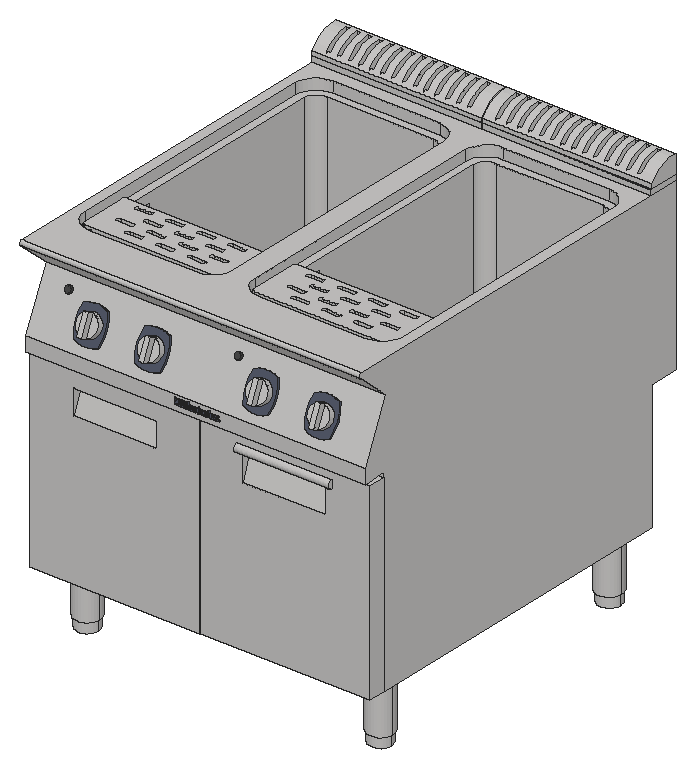
Revit family "QF_ELECTROLUXPROFESSIONAL_391204_E9PCEH2MF2", category Specialty Equipment, Revit 2018
Family settings
  Round Connector Dimension = Use Diameter
  Part Type = Normal
  Work Plane-Based = No
  Always vertical = Yes
  Cut with Voids When Loaded = No
  Shared = No
  Room Calculation Point = No
Parameters
  Width = 800 mm  # constant formula
  Weight in Pounds = 253.5  # constant formula
  Watts = 20000 VA  # 20000 W
  Waste Water Discharge Temperature [instance] = -459.67 °F
  Volts = 208 V  # constant formula
  URL Cutsheet = "www.electrolux.com/foodservice"
  URL = "www.electrolux.com/foodservice"
  Type Mark [instance] = ""
  Status [instance] = ""
  Specification by User [instance] = ""
  Specification by Manufacturer = ""
  Show Logo [instance] = yes
  Show Clearance [instance] = yes
  Serial Number = ""
  Seismic Rating = ""
  SMACNA No = ""
  Revision Code [instance] = ""
  Plumbing Remarks [instance] = ""
  Plumbing Connection Type [instance] = ""
  Phase = 3  # constant formula
  Omniclass Number and Title = ""
  Number of Poles [instance] = 1
  NAFEM Spec ID Number = ""
  Model = "391204"
  Min Ckt Ampacity = 0 A
  Max Overcurrent Protection = 0 A
  Masterspec = ""
  Manufacturer = "ELECTROLUX"
  Item Number [instance] = ""
  Installed By [instance] = ""
  Indirect Waste Size = 25.4 mm  # 1"
  Indirect Waste Flow [instance] = 0 GPM
  Indirect Waste Connection Type [instance] = ""
  Indirect Waste Connection Height = 0 mm
  Identify Quantity as Lot [instance] = yes
  Height = 851 mm  # constant formula
  HP = "26.8 HP"
  Furnished By [instance] = ""
  Foodservice Equipment Identifier [instance] = yes
  FL Amps = if(Phase = 3, Watts / (Volts * 1.73), Watts / Volts)  # 55.5803 A
  Electrical Remarks [instance] = ""
  Electric Connection Type [instance] = ""
  Elec Conn RI Height [instance] = 0 mm
  Elec Conn Connection Height [instance] = 0 mm
  Direct Waste Size = 1"
  Description = "ELECTRIC PASTA COOKER 2X40 LT WELLS-208V"
  Depth = 930 mm  # constant formula
  Cycle [instance] = if([60 Hertz Option], 60 Hz, 50 Hz)  # 60 Hz
  Conn Plug = ""
  Conn Conduit = yes
  Cold Water Temperature Recommended [instance] = -459.67 °F
  Cold Water Size = 19.1 mm  # 0.75197"
  Cold Water RI Height [instance] = 0 mm
  Cold Water Minimum Pressure = 0.00 psi
  Cold Water Maximum Pressure = 0.00 psi
  Cold Water Flow [instance] = 0 GPM
  Cold Water Consumption = ""
  Cold Water Connection Height = 0 mm
  CSI MasterFormat = ""
  CSI Master Format = ""
  Base Height [instance] = 150 mm  # constant formula
  Apparent Power = if(Phase = 3, Volts * FL Amps * 1.73, Volts * FL Amps)  # 20000 VA
  60 Hertz Option [instance] = not([50 Hertz Option])  # yes
  50 Hertz Option [instance] = no
Reference planes
  plane 1 "BACK": y = 0
  plane 2: z = 0
  plane 3 "LEFT": x = 0
  plane 4 "RIGHT": x = 800
  plane 5 "FRONT": y = -930
  plane 6 "TOP": z = 908
  plane 7 "Center Y": x = 400
  plane 8 "Center X": y = -465
  plane 9 "TOP A": z = 851
  plane 10: z = 150
  plane 11: y = -126
  plane 12: y = -800
  plane 13: y = -1288
  plane 14: x = 55
  plane 15: x = 745
Forms (mm)
  Extrusion 1, solid, material "QF_Finishes_Stainless Steel"
    sketch origin (0, 0, 0) x (0, 1, 0) y (0, 0, 1)
      loop
        line (0, 851) -> (-923.65, 851)
        arc (-923.65, 851) -> (-929.517, 847.08) -> (-928.14, 840.16) r 6.35
        line (-928.14, 840.16) -> (-852.034, 773.495) -> (-912.145, 642.892) -> (-912.145, 608.853) -> (-858.773, 614.463) -> (-858.773, 150) -> (-70, 150) -> (-70, 451.763) -> (0, 451.763) -> (0, 851)
      loop
        line (-900, 601.763) -> (-900, 150) -> (-860.361, 150) -> (-860.361, 601.763) -> (-900, 601.763)
    from 0 to 800
  Extrusion 2, solid, material "QF_Clearances", visible <- "Show Clearance", detail levels coarse
    sketch origin (0, 0, 0) x (1, 0, 0) y (0, 1, 0)
      loop
        line (0, -930) -> (0, 0) -> (800, 0) -> (800, -930) -> (920, -930) -> (920, 152) -> (-150.019, 152) -> (-150.019, -930) -> (0, -930)
    from 0 to 908
  Extrusion 3, solid, material "QF_Door-Drawer Clearances", visible <- "Show Clearance", detail levels coarse
    sketch origin (400, 0, 851) x (1, 0, 0) y (0, 1, 0)
      loop
        arc (-400, -1288) -> (-124.279, -1172.327) -> (-0.826, -900) r 409.234
        line (-0.826, -900) -> (-400, -900) -> (-400, -1288)
    from -701 to -249.237
  Extrusion 4, solid, material "QF_Door-Drawer Clearances", visible <- "Show Clearance", detail levels coarse
    sketch origin (400, 0, 851) x (-1, 0, 0) y (0, -1, 0)
      loop
        line (-400, 1288) -> (-400, 900) -> (-0.826, 900)
        arc (-0.826, 900) -> (-124.279, 1172.327) -> (-400, 1288) r 409.234
    from -701 to -249.237
  Extrusion 5, solid, material "QF_Finishes_Navy Blue", visible <- "Show Logo"
    sketch origin (201.175, -912.145, 608.853) x (0, 0, 1) y (-1, 0, 0)
      loop
        line (27.359, -159.055) -> (14.993, -159.055)
        arc (14.993, -159.055) -> (21.176, -163.626) -> (27.359, -159.055) r 6.467
      loop
        arc (27.359, -158.426) -> (26.19, -153.283) -> (21.534, -150.805) r 6.338
        line (21.534, -150.805) -> (21.534, -152.851)
        arc (21.534, -152.851) -> (23.018, -156.506) -> (26.464, -158.426) r 5.941
        line (26.464, -158.426) -> (27.359, -158.426)
      loop
        arc (15.888, -158.426) -> (19.334, -156.506) -> (20.817, -152.851) r 5.941
        line (20.817, -152.851) -> (20.817, -150.805)
        arc (20.817, -150.805) -> (16.123, -153.279) -> (14.834, -158.426) r 6.504
        line (14.834, -158.426) -> (15.888, -158.426)
      loop
        line (28.034, -150.336) -> (14.29, -150.336) -> (14.29, -164.099) -> (28.034, -164.099) -> (28.034, -150.336)
      loop
        arc (28.118, -167.066) -> (27.77, -166.709) -> (27.403, -167.047) r 0.358
        arc (27.403, -167.047) -> (27.089, -167.797) -> (26.372, -168.182) r 1.216
        line (26.372, -168.182) -> (15.959, -168.182)
        arc (15.959, -168.182) -> (15.299, -167.904) -> (14.903, -167.308) r 1.238
        arc (14.903, -167.308) -> (14.509, -167.057) -> (14.203, -167.411) r 0.358
        line (14.203, -167.411) -> (14.203, -177.29) -> (16.954, -177.29) -> (16.954, -176.393)
        arc (16.954, -176.393) -> (16.045, -175.813) -> (15.589, -174.836) r 1.928
        line (15.589, -174.836) -> (15.589, -172.337)
        arc (15.589, -172.337) -> (15.865, -171.608) -> (16.553, -171.244) r 1.101
        line (16.553, -171.244) -> (20.64, -171.244) -> (20.64, -174.917)
        arc (20.64, -174.917) -> (20.287, -175.414) -> (19.722, -175.642) r 1.083
        arc (19.722, -175.642) -> (19.459, -175.948) -> (19.751, -176.226) r 0.292
        line (19.751, -176.226) -> (22.713, -176.226)
        arc (22.713, -176.226) -> (23.016, -175.953) -> (22.777, -175.623) r 0.305
        arc (22.777, -175.623) -> (22.286, -175.375) -> (21.981, -174.917) r 1.083
        line (21.981, -174.917) -> (21.981, -171.244) -> (26.659, -171.244) -> (26.659, -174.991)
        arc (26.659, -174.991) -> (26.444, -175.747) -> (25.838, -176.245) r 1.314
        arc (25.838, -176.245) -> (25.619, -176.649) -> (25.973, -176.941) r 0.361
        line (25.973, -176.941) -> (28.118, -176.941) -> (28.118, -167.066)
      loop
        arc (27.4, -177.722) -> (27.02, -178.641) -> (26.101, -179.021) r 1.299
        line (26.101, -179.021) -> (16.522, -179.021)
        arc (16.522, -179.021) -> (15.684, -178.643) -> (15.413, -177.765) r 1.118
        line (15.413, -177.765) -> (14.203, -177.765) -> (14.203, -183.115) -> (15.391, -183.115)
        arc (15.391, -183.115) -> (15.663, -182.198) -> (16.533, -181.802) r 1.153
        line (16.533, -181.802) -> (28.605, -181.802) -> (27.4, -177.722)
      loop
        line (19.168, -185.751) -> (19.168, -192.198) -> (19.967, -192.198)
        arc (19.967, -192.198) -> (22.547, -191.214) -> (23.816, -188.76) r 3.874
        line (23.816, -188.76) -> (23.816, -187)
        arc (23.816, -187) -> (22.629, -184.135) -> (19.765, -182.949) r 4.051
        line (19.765, -182.949) -> (17.757, -182.949)
        arc (17.757, -182.949) -> (14.938, -184.434) -> (13.887, -187.441) r 4.352
        arc (13.887, -187.441) -> (14.251, -189.904) -> (15.629, -191.978) r 5.713
        line (15.629, -191.978) -> (16.578, -191.978)
        arc (16.578, -191.978) -> (15.845, -190.409) -> (15.629, -188.691) r 5.579
        arc (15.629, -188.691) -> (16.422, -186.728) -> (18.301, -185.751) r 3.057
        line (18.301, -185.751) -> (19.168, -185.751)
      loop
        line (20.427, -185.751) -> (20.427, -189.333)
        arc (20.427, -189.333) -> (21.884, -189.38) -> (22.767, -188.221) r 1.59
        line (22.767, -188.221) -> (22.767, -187.391)
        arc (22.767, -187.391) -> (21.902, -186.136) -> (20.427, -185.751) r 2.184
      loop
        arc (23.218, -201.616) -> (23.707, -199.942) -> (23.864, -198.205) r 9.023
        line (23.864, -198.205) -> (23.864, -196.843)
        arc (23.864, -196.843) -> (22.705, -194.043) -> (19.905, -192.883) r 3.959
        line (19.905, -192.883) -> (17.305, -192.883)
        arc (17.305, -192.883) -> (15.023, -194.176) -> (13.906, -196.549) r 4.331
        line (13.906, -196.549) -> (13.906, -198.684)
        arc (13.906, -198.684) -> (14.414, -200.234) -> (15.336, -201.58) r 5.772
        arc (15.336, -201.58) -> (16.098, -201.631) -> (16.184, -200.872) r 0.553
        arc (16.184, -200.872) -> (15.796, -200.138) -> (15.662, -199.319) r 2.573
        line (15.662, -199.319) -> (15.662, -197.804)
        arc (15.662, -197.804) -> (16.668, -196.162) -> (18.483, -195.52) r 2.884
        line (18.483, -195.52) -> (19.762, -195.52)
        arc (19.762, -195.52) -> (21.583, -196.08) -> (22.509, -197.745) r 2.554
        line (22.509, -197.745) -> (22.509, -198.798)
        arc (22.509, -198.798) -> (22.178, -199.726) -> (21.521, -200.461) r 2.564
        arc (21.521, -200.461) -> (21.299, -201.178) -> (21.909, -201.616) r 0.643
        line (21.909, -201.616) -> (23.218, -201.616)
      loop
        line (22.2, -201.886) -> (22.2, -203.387) -> (16.152, -203.387)
        arc (16.152, -203.387) -> (14.564, -204.045) -> (13.906, -205.633) r 2.246
        line (13.906, -205.633) -> (13.906, -207.217)
        arc (13.906, -207.217) -> (14.22, -208.081) -> (14.72, -208.853) r 4.06
        arc (14.72, -208.853) -> (15.453, -208.986) -> (15.704, -208.285) r 0.576
        arc (15.704, -208.285) -> (15.598, -207.759) -> (15.662, -207.227) r 1.69
        arc (15.662, -207.227) -> (16.204, -206.439) -> (17.11, -206.136) r 1.506
        line (17.11, -206.136) -> (22.248, -206.136) -> (22.248, -208.533) -> (22.805, -209.089) -> (23.626, -209.089) -> (23.626, -206.23) -> (26.857, -206.23) -> (22.2, -201.886)
      loop
        line (14.124, -209.987) -> (14.124, -215.374) -> (15.234, -215.374)
        arc (15.234, -215.374) -> (15.627, -214.423) -> (16.578, -214.029) r 1.345
        line (16.578, -214.029) -> (20.195, -214.029)
        arc (20.195, -214.029) -> (20.959, -214.621) -> (21.249, -215.543) r 1.615
        line (21.249, -215.543) -> (21.249, -217.099) -> (23.805, -217.784) -> (23.805, -216.401) -> (21.862, -213.842) -> (23.742, -213.842) -> (23.458, -211.136)
        arc (23.458, -211.136) -> (23.018, -210.606) -> (22.359, -210.807) r 0.621
        arc (22.359, -210.807) -> (21.959, -211.149) -> (21.465, -211.332) r 1.501
        line (21.465, -211.332) -> (16.578, -211.332)
        arc (16.578, -211.332) -> (15.627, -210.938) -> (15.234, -209.987) r 1.345
        line (15.234, -209.987) -> (14.124, -209.987)
      loop
        line (20.225, -217.321) -> (17.533, -217.321)
        arc (17.533, -217.321) -> (15.088, -218.629) -> (13.954, -221.159) r 4.288
        arc (13.954, -221.159) -> (13.89, -222.54) -> (13.954, -223.92) r 15.022
        arc (13.954, -223.92) -> (15.088, -226.451) -> (17.533, -227.758) r 4.288
        line (17.533, -227.758) -> (20.225, -227.758)
        arc (20.225, -227.758) -> (22.671, -226.451) -> (23.805, -223.92) r 4.288
        arc (23.805, -223.92) -> (23.868, -222.54) -> (23.805, -221.159) r 15.022
        arc (23.805, -221.159) -> (22.671, -218.629) -> (20.225, -217.321) r 4.288
      loop
        line (20.43, -220.435) -> (17.328, -220.435)
        arc (17.328, -220.435) -> (15.171, -222.592) -> (17.328, -224.749) r 2.157
        line (17.328, -224.749) -> (20.43, -224.749)
        arc (20.43, -224.749) -> (22.587, -222.592) -> (20.43, -220.435) r 2.157
      loop
        arc (27.411, -227.616) -> (27.041, -228.51) -> (26.147, -228.881) r 1.264
        line (26.147, -228.881) -> (16.282, -228.881)
        arc (16.282, -228.881) -> (15.412, -228.484) -> (15.141, -227.568) r 1.153
        line (15.141, -227.568) -> (14.203, -227.568) -> (14.203, -232.676) -> (15.131, -232.676)
        arc (15.131, -232.676) -> (15.49, -231.904) -> (16.282, -231.589) r 1.153
        line (16.282, -231.589) -> (28.605, -231.589) -> (27.411, -227.616)
      loop
        arc (22.531, -232.213) -> (22.332, -233.278) -> (21.363, -233.76) r 1.215
        line (21.363, -233.76) -> (16.343, -233.76)
        arc (16.343, -233.76) -> (14.728, -234.407) -> (14.008, -235.99) r 2.338
        line (14.008, -235.99) -> (14.008, -237.505)
        arc (14.008, -237.505) -> (14.182, -238.509) -> (14.684, -239.395) r 2.979
        line (14.684, -239.395) -> (14.203, -241.192) -> (14.203, -242.88) -> (23.629, -242.88) -> (23.335, -238.677) -> (22.548, -238.677)
        arc (22.548, -238.677) -> (22.192, -239.513) -> (21.44, -240.022) r 1.605
        line (21.44, -240.022) -> (16.337, -240.022)
        arc (16.337, -240.022) -> (15.917, -239.085) -> (15.844, -238.061) r 2.94
        arc (15.844, -238.061) -> (16.405, -236.96) -> (17.558, -236.517) r 1.724
        line (17.558, -236.517) -> (23.755, -236.517) -> (22.531, -232.213)
      loop
        line (23.559, -243.734) -> (21.887, -245.78) -> (18.713, -248.086) -> (15.257, -244.974)
        arc (15.257, -244.974) -> (15.02, -244.58) -> (15.042, -244.121) r 0.789
        line (15.042, -244.121) -> (14.203, -244.121) -> (14.203, -247.666) -> (15.029, -247.666)
        arc (15.029, -247.666) -> (15.372, -247.304) -> (15.862, -247.396) r 0.52
        line (15.862, -247.396) -> (17.661, -248.867) -> (15.543, -250.242)
        arc (15.543, -250.242) -> (15.142, -249.932) -> (15.055, -249.433) r 0.7
        line (15.055, -249.433) -> (14.203, -249.433) -> (14.203, -255.36) -> (15.09, -255.36)
        arc (15.09, -255.36) -> (15.157, -254.701) -> (15.552, -254.17) r 1.247
        line (15.552, -254.17) -> (19.751, -250.889) -> (22.198, -252.942) -> (23.559, -254.684) -> (23.559, -250.96) -> (22.074, -251.383) -> (20.553, -250.106) -> (22.253, -248.916) -> (23.559, -249.692) -> (23.559, -243.734)
    from 0 to 1.644
  Extrusion 6, solid, material "QF_Finishes_Stainless Steel"
    sketch origin (200, 0, 0) x (0, 1, 0) y (0, 0, 1)
      loop
        line (-71.89, 863.9) -> (-71.89, 851) -> (0, 851) -> (0, 863.9) -> (-71.89, 863.9)
    from -200 to 200
  Extrusion 7, solid, material "QF_Finishes_Stainless Steel"
    sketch origin (0, 0, 574.263) x (0, 1, 0) y (0, 0, 1)
      loop
        line (0, 289.638) -> (0, 333.737)
        arc (0, 333.737) -> (-39.336, 326.03) -> (-69.85, 300.038) r 79.141
        line (-69.85, 300.038) -> (-69.85, 289.638) -> (0, 289.638)
    from 0 to 400
  Extrusion 8, void
    sketch origin (0, 0, 848.9) x (0, -1, 0) y (1, 0, 0)
      loop
        line (6.761, 29.703) -> (63.911, 29.703) -> (63.911, 38.999) -> (6.761, 38.999) -> (6.761, 29.703)
      loop
        line (63.911, 64.487) -> (6.761, 64.487) -> (6.761, 55.191) -> (63.911, 55.191) -> (63.911, 64.487)
      loop
        line (63.911, 89.975) -> (6.761, 89.975) -> (6.761, 80.68) -> (63.911, 80.68) -> (63.911, 89.975)
      loop
        line (63.911, 115.464) -> (6.761, 115.464) -> (6.761, 106.168) -> (63.911, 106.168) -> (63.911, 115.464)
      loop
        line (63.911, 140.952) -> (6.761, 140.952) -> (6.761, 131.656) -> (63.911, 131.656) -> (63.911, 140.952)
      loop
        line (63.911, 166.44) -> (6.761, 166.44) -> (6.761, 157.145) -> (63.911, 157.145) -> (63.911, 166.44)
      loop
        line (63.911, 191.929) -> (6.761, 191.929) -> (6.761, 182.633) -> (63.911, 182.633) -> (63.911, 191.929)
      loop
        line (63.911, 217.417) -> (6.761, 217.417) -> (6.761, 208.121) -> (63.911, 208.121) -> (63.911, 217.417)
      loop
        line (63.911, 242.905) -> (6.761, 242.905) -> (6.761, 233.61) -> (63.911, 233.61) -> (63.911, 242.905)
      loop
        line (63.911, 268.394) -> (6.761, 268.394) -> (6.761, 259.098) -> (63.911, 259.098) -> (63.911, 268.394)
      loop
        line (63.911, 293.882) -> (6.761, 293.882) -> (6.761, 284.586) -> (63.911, 284.586) -> (63.911, 293.882)
      loop
        line (63.911, 319.37) -> (6.761, 319.37) -> (6.761, 310.075) -> (63.911, 310.075) -> (63.911, 319.37)
      loop
        line (63.911, 344.859) -> (6.761, 344.859) -> (6.761, 335.563) -> (63.911, 335.563) -> (63.911, 344.859)
      loop
        line (63.911, 370.347) -> (6.761, 370.347) -> (6.761, 361.051) -> (63.911, 361.051) -> (63.911, 370.347)
    from 25.4 to 63.5
  Extrusion 9, solid, material "QF_Finishes_Stainless Steel"
    sketch origin (600, 0, 0) x (0, 1, 0) y (0, 0, -1)
      loop
        line (-71.89, -863.9) -> (0, -863.9) -> (0, -851) -> (-71.89, -851) -> (-71.89, -863.9)
    from -200 to 200
  Extrusion 10, solid, material "QF_Finishes_Stainless Steel"
    sketch origin (800, 0, 574.263) x (0, 1, 0) y (0, 0, -1)
      loop
        line (0, -289.638) -> (-69.85, -289.638) -> (-69.85, -300.038)
        arc (-69.85, -300.038) -> (-39.336, -326.03) -> (0, -333.737) r 79.141
        line (0, -333.737) -> (0, -289.638)
    from 0 to 400
  Extrusion 11, void
    sketch origin (800, 0, 848.9) x (0, -1, 0) y (1, 0, 0)
      loop
        line (6.761, -29.703) -> (6.761, -38.999) -> (63.911, -38.999) -> (63.911, -29.703) -> (6.761, -29.703)
      loop
        line (63.911, -64.487) -> (63.911, -55.191) -> (6.761, -55.191) -> (6.761, -64.487) -> (63.911, -64.487)
      loop
        line (63.911, -90.975) -> (63.911, -81.68) -> (6.761, -81.68) -> (6.761, -90.975) -> (63.911, -90.975)
      loop
        line (63.911, -116.464) -> (63.911, -107.168) -> (6.761, -107.168) -> (6.761, -116.464) -> (63.911, -116.464)
      loop
        line (63.911, -141.952) -> (63.911, -132.656) -> (6.761, -132.656) -> (6.761, -141.952) -> (63.911, -141.952)
      loop
        line (63.911, -167.44) -> (63.911, -158.145) -> (6.761, -158.145) -> (6.761, -167.44) -> (63.911, -167.44)
      loop
        line (63.911, -192.929) -> (63.911, -183.633) -> (6.761, -183.633) -> (6.761, -192.929) -> (63.911, -192.929)
      loop
        line (63.911, -218.417) -> (63.911, -209.121) -> (6.761, -209.121) -> (6.761, -218.417) -> (63.911, -218.417)
      loop
        line (63.911, -243.905) -> (63.911, -234.61) -> (6.761, -234.61) -> (6.761, -243.905) -> (63.911, -243.905)
      loop
        line (63.911, -269.394) -> (63.911, -260.098) -> (6.761, -260.098) -> (6.761, -269.394) -> (63.911, -269.394)
      loop
        line (63.911, -294.882) -> (63.911, -285.586) -> (6.761, -285.586) -> (6.761, -294.882) -> (63.911, -294.882)
      loop
        line (63.911, -320.37) -> (63.911, -311.075) -> (6.761, -311.075) -> (6.761, -320.37) -> (63.911, -320.37)
      loop
        line (63.911, -345.859) -> (63.911, -336.563) -> (6.761, -336.563) -> (6.761, -345.859) -> (63.911, -345.859)
      loop
        line (63.911, -371.347) -> (63.911, -362.051) -> (6.761, -362.051) -> (6.761, -371.347) -> (63.911, -371.347)
    from 25.4 to 63.5
  Extrusion 12, void
    sketch origin (0, -900, 601.763) x (0, 0, -1) y (1, 0, 0)
      loop
        line (451.762, 400.912) -> (0, 400.912) -> (0, 399.088) -> (451.762, 399.088) -> (451.762, 400.912)
    from 0 to -39.639
  Extrusion 13, void
    sketch origin (200, -14.239, 0) x (0, 1, 0) y (0, 0, 1)
      loop
        line (-885.761, 564.263) -> (-885.761, 504.332) -> (-863.948, 564.263) -> (-885.761, 564.263)
    from -96.424 to 99.144
  Extrusion 14, void
    sketch origin (600, -14.239, 0) x (0, 1, 0) y (0, 0, -1)
      loop
        line (-885.761, -564.263) -> (-863.948, -564.263) -> (-885.761, -504.332) -> (-885.761, -564.263)
    from -96.424 to 99.144
  Extrusion 15, solid, material "QF_Finishes_Stainless Steel"
    sketch origin (600, -14.239, 22.5) x (0, 1, 0) y (0, 0, -1)
      loop
        arc (-885.761, -541.858) -> (-895.666, -551.763) -> (-885.761, -561.667) r 9.905
        line (-885.761, -561.667) -> (-885.761, -541.858)
    from -110.529 to 112.106
  Extrusion 16, void
    sketch origin (0, 0, 791) x (1, 0, 0) y (0, 1, 0)
      loop
        line (75, -800) -> (325, -800)
        arc (325, -800) -> (346.213, -791.213) -> (355, -770) r 30
        line (355, -770) -> (355, -606.643)
        arc (355, -606.643) -> (346.213, -627.856) -> (325, -636.643) r 30
        line (325, -636.643) -> (75, -636.643)
        arc (75, -636.643) -> (53.787, -627.856) -> (45, -606.643) r 30
        line (45, -606.643) -> (45, -770)
        arc (45, -770) -> (53.787, -791.213) -> (75, -800) r 30
    from 60 to 12
  Extrusion 17, void
    sketch origin (0, 0, 791) x (0, 1, 0) y (-1, 0, 0)
      loop
        arc (-121.89, -75) -> (-130.677, -53.787) -> (-151.89, -45) r 30
        line (-151.89, -45) -> (-606.643, -45)
        arc (-606.643, -45) -> (-627.856, -53.787) -> (-636.643, -75) r 30
        line (-636.643, -75) -> (-636.643, -325)
        arc (-636.643, -325) -> (-627.856, -346.213) -> (-606.643, -355) r 30
        line (-606.643, -355) -> (-151.89, -355)
        arc (-151.89, -355) -> (-130.677, -346.213) -> (-121.89, -325) r 30
        line (-121.89, -325) -> (-121.89, -75)
    from 60 to -339.237
  Extrusion 18, void
    sketch origin (800, 0, 791) x (-1, 0, 0) y (0, -1, 0)
      loop
        arc (75, 800) -> (53.787, 791.213) -> (45, 770) r 30
        line (45, 770) -> (45, 606.643)
        arc (45, 606.643) -> (53.787, 627.856) -> (75, 636.643) r 30
        line (75, 636.643) -> (325, 636.643)
        arc (325, 636.643) -> (346.213, 627.856) -> (355, 606.643) r 30
        line (355, 606.643) -> (355, 770)
        arc (355, 770) -> (346.213, 791.213) -> (325, 800) r 30
        line (325, 800) -> (75, 800)
    from 60 to 12
  Extrusion 19, void
    sketch origin (800, 0, 791) x (0, -1, 0) y (1, 0, 0)
      loop
        line (121.89, -75) -> (121.89, -325)
        arc (121.89, -325) -> (130.677, -346.213) -> (151.89, -355) r 30
        line (151.89, -355) -> (606.643, -355)
        arc (606.643, -355) -> (627.856, -346.213) -> (636.643, -325) r 30
        line (636.643, -325) -> (636.643, -75)
        arc (636.643, -75) -> (627.856, -53.787) -> (606.643, -45) r 30
        line (606.643, -45) -> (151.89, -45)
        arc (151.89, -45) -> (130.677, -53.787) -> (121.89, -75) r 30
    from 60 to -339.237
  Extrusion 20, solid, material "QF_Finishes_Navy Blue"
    sketch origin (-405.52, -913.486, 639.979) x (0, 0.418102, 0.9084) y (-1, 0, 0)
      loop
        arc (102.623, -510.47) -> (67.041, -502.846) -> (31.333, -509.853) r 90.5
        arc (31.333, -509.853) -> (24.507, -539.04) -> (31.333, -568.228) r 65.817
        arc (31.333, -568.228) -> (67.04, -575.188) -> (102.623, -567.615) r 91.066
        arc (102.623, -567.615) -> (109.179, -539.043) -> (102.623, -510.47) r 65.546
    from 0 to 3.175
  Extrusion 21, solid, material "QF_Finishes_Stainless Steel"
    sketch origin (-26.77, -917.2, 639.505) x (0, 0.418102, 0.9084) y (-1, 0, 0)
      loop
        circle (68.826, -160.963) r 25.4
    from 0 to 12.7
  Extrusion 22, solid, material "QF_Finishes_Stainless Steel"
    sketch origin (-26.77, -928.736, 644.814) x (0, 0.418102, 0.9084) y (-1, 0, 0)
      loop
        arc (93.558, -166.749) -> (94.226, -160.963) -> (93.558, -155.177) r 25.4
        line (93.558, -155.177) -> (44.094, -155.177)
        arc (44.094, -155.177) -> (43.426, -160.963) -> (44.094, -166.749) r 25.4
        line (44.094, -166.749) -> (93.558, -166.749)
    from 0 to 12.7
  Extrusion 23, solid, material "QF_Finishes_Navy Blue"
    sketch origin (-260.52, -913.486, 639.979) x (0, 0.418102, 0.9084) y (-1, 0, 0)
      loop
        arc (102.623, -510.47) -> (67.041, -502.846) -> (31.333, -509.853) r 90.5
        arc (31.333, -509.853) -> (24.507, -539.04) -> (31.333, -568.228) r 65.817
        arc (31.333, -568.228) -> (67.04, -575.188) -> (102.623, -567.615) r 91.066
        arc (102.623, -567.615) -> (109.179, -539.043) -> (102.623, -510.47) r 65.546
    from 0 to 3.175
  Extrusion 24, solid, material "QF_Finishes_Stainless Steel"
    sketch origin (118.23, -917.2, 639.505) x (0, 0.418102, 0.9084) y (-1, 0, 0)
      loop
        circle (68.826, -160.963) r 25.4
    from 0 to 12.7
  Extrusion 25, solid, material "QF_Finishes_Stainless Steel"
    sketch origin (118.23, -928.736, 644.814) x (0, 0.418102, 0.9084) y (-1, 0, 0)
      loop
        arc (93.558, -166.749) -> (94.226, -160.963) -> (93.558, -155.177) r 25.4
        line (93.558, -155.177) -> (44.094, -155.177)
        arc (44.094, -155.177) -> (43.426, -160.963) -> (44.094, -166.749) r 25.4
        line (44.094, -166.749) -> (93.558, -166.749)
    from 0 to 12.7
  Extrusion 26, solid, material "QF_Finishes_Black"
    sketch origin (-36.317, -915, 636.69) x (0, 0.418102, 0.9084) y (-1, 0, 0)
      loop
        circle (117.556, -101.317) r 7.5
    from 0 to 4
  Extrusion 27, solid, material "QF_Finishes_Navy Blue"
    sketch origin (-5.52, -913.486, 639.979) x (0, 0.418102, 0.9084) y (-1, 0, 0)
      loop
        arc (102.623, -510.47) -> (67.041, -502.846) -> (31.333, -509.853) r 90.5
        arc (31.333, -509.853) -> (24.507, -539.04) -> (31.333, -568.228) r 65.817
        arc (31.333, -568.228) -> (67.04, -575.188) -> (102.623, -567.615) r 91.066
        arc (102.623, -567.615) -> (109.179, -539.043) -> (102.623, -510.47) r 65.546
    from 0 to 3.175
  Extrusion 28, solid, material "QF_Finishes_Stainless Steel"
    sketch origin (373.23, -917.2, 639.505) x (0, 0.418102, 0.9084) y (-1, 0, 0)
      loop
        circle (68.826, -160.963) r 25.4
    from 0 to 12.7
  Extrusion 29, solid, material "QF_Finishes_Stainless Steel"
    sketch origin (373.23, -928.736, 644.814) x (0, 0.418102, 0.9084) y (-1, 0, 0)
      loop
        arc (93.558, -166.749) -> (94.226, -160.963) -> (93.558, -155.177) r 25.4
        line (93.558, -155.177) -> (44.094, -155.177)
        arc (44.094, -155.177) -> (43.426, -160.963) -> (44.094, -166.749) r 25.4
        line (44.094, -166.749) -> (93.558, -166.749)
    from 0 to 12.7
  Extrusion 30, solid, material "QF_Finishes_Navy Blue"
    sketch origin (139.48, -913.486, 639.979) x (0, 0.418102, 0.9084) y (-1, 0, 0)
      loop
        arc (102.64, -509.47) -> (67.049, -501.922) -> (31.333, -508.853) r 91.424
        arc (31.333, -508.853) -> (24.284, -538.54) -> (31.333, -568.228) r 66.04
        arc (31.333, -568.228) -> (67.048, -575.112) -> (102.64, -567.615) r 91.99
        arc (102.64, -567.615) -> (109.413, -538.543) -> (102.64, -509.47) r 65.781
    from 0 to 3.175
  Extrusion 31, solid, material "QF_Finishes_Stainless Steel"
    sketch origin (518.23, -917.2, 639.505) x (0, 0.418102, 0.9084) y (-1, 0, 0)
      loop
        circle (68.826, -160.963) r 25.4
    from 0 to 12.7
  Extrusion 32, solid, material "QF_Finishes_Stainless Steel"
    sketch origin (518.23, -928.736, 644.814) x (0, 0.418102, 0.9084) y (-1, 0, 0)
      loop
        arc (93.558, -166.749) -> (94.226, -160.963) -> (93.558, -155.177) r 25.4
        line (93.558, -155.177) -> (44.094, -155.177)
        arc (44.094, -155.177) -> (43.426, -160.963) -> (44.094, -166.749) r 25.4
        line (44.094, -166.749) -> (93.558, -166.749)
    from 0 to 12.7
  Extrusion 33, solid, material "QF_Finishes_Black"
    sketch origin (363.683, -915, 636.69) x (0, 0.418102, 0.9084) y (-1, 0, 0)
      loop
        circle (117.556, -101.317) r 7.5
    from 0 to 4
  Extrusion 34, solid, material "QF_Finishes_Stainless Steel"
    sketch origin (-77.88, -4572, 150) x (-1, 0, 0) y (0, -1, 0)
      loop
        circle (-167.88, -3979.3) r 12.7
      loop
        circle (-567.88, -3979.3) r 12.7
    from -12.7 to 0
  Extrusion 35, solid, material "QF_Finishes_Stainless Steel"
    sketch origin (0, -225, 150) x (-1, 0, 0) y (0, 1, 0)
      loop
        circle (-50, -485) r 6.35
    from 0 to 10
  Extrusion 36, solid, material "QF_Finishes_Stainless Steel"
    sketch origin (-77.88, -4572, 150) x (-1, 0, 0) y (0, -1, 0)
      loop
        circle (-827.88, -3942) r 9.525
      loop
        circle (-427.88, -3942) r 9.525
    from -12.7 to 0
  Extrusion 37, solid, material "QF_Finishes_Stainless Steel"
    sketch origin (-77.88, -4572, 150) x (-1, 0, 0) y (0, -1, 0)
      loop
        circle (-710.88, -3792) r 12.7
    from -12.7 to 0
  Revolve 38, solid, material "QF_Finishes_Stainless Steel"
    sketch origin (-1, -126, 608.09) x (0, 0, 1) y (-1, 0, 0)
      loop
        line (-608.09, -56) -> (-458.09, -56) -> (-458.09, -26) -> (-583.09, -26) -> (-583.09, -29.75) -> (-608.09, -29.75) -> (-608.09, -56)
      axis (-608.09, -56) -> (-458.09, -56)
    angle from 0 to 360
  Revolve 39, solid, material "QF_Finishes_Stainless Steel"
    sketch origin (-1, -800, 608.09) x (0, 0, 1) y (1, 0, 0)
      loop
        line (-608.09, 56) -> (-608.09, 29.75) -> (-583.09, 29.75) -> (-583.09, 26) -> (-458.09, 26) -> (-458.09, 56) -> (-608.09, 56)
      axis (-608.09, 56) -> (-458.09, 56)
    angle from 0 to 360
  Revolve 40, solid, material "QF_Finishes_Stainless Steel"
    sketch origin (801, -126, 608.09) x (0, 0, 1) y (-1, 0, 0)
      loop
        line (-608.09, 56) -> (-608.09, 29.75) -> (-583.09, 29.75) -> (-583.09, 26) -> (-458.09, 26) -> (-458.09, 56) -> (-608.09, 56)
      axis (-608.09, 56) -> (-458.09, 56)
    angle from 0 to 360
  Revolve 41, solid, material "QF_Finishes_Stainless Steel"
    sketch origin (801, -800, 608.09) x (0, 0, 1) y (1, 0, 0)
      loop
        line (-608.09, -56) -> (-458.09, -56) -> (-458.09, -26) -> (-583.09, -26) -> (-583.09, -29.75) -> (-608.09, -29.75) -> (-608.09, -56)
      axis (-608.09, -56) -> (-458.09, -56)
    angle from 0 to 360
  Extrusion 42, solid, material "QF_Finishes_Stainless Steel"
    sketch origin (-77.88, -4572, 150) x (-1, 0, 0) y (0, -1, 0)
      loop
        circle (-827.88, -3862) r 9.525
    from -12.7 to 0
  Extrusion 43, solid, material "QF_Finishes_Stainless Steel"
    sketch origin (0, -15, 826) x (-1, 0, 0) y (0, -1, 0)
      loop
        arc (-35, 640.511) -> (-27.929, 643.44) -> (-25, 650.511) r 10
        line (-25, 650.511) -> (-25, 757.511)
        arc (-25, 757.511) -> (-27.929, 764.583) -> (-35, 767.511) r 10
        line (-35, 767.511) -> (-365, 767.511)
        arc (-365, 767.511) -> (-372.071, 764.583) -> (-375, 757.511) r 10
        line (-375, 757.511) -> (-375, 650.511)
        arc (-375, 650.511) -> (-372.071, 643.44) -> (-365, 640.511) r 10
        line (-365, 640.511) -> (-35, 640.511)
    from -12.7 to 6.4
  Extrusion 44, void
    sketch origin (0, -17.5, 832.4) x (0, -1, 0) y (-1, 0, 0)
      loop
        line (651.767, -72.185) -> (651.767, -104.163)
        arc (651.767, -104.163) -> (656.767, -109.163) -> (661.767, -104.163) r 5
        line (661.767, -104.163) -> (661.767, -72.185)
        arc (661.767, -72.185) -> (656.767, -67.185) -> (651.767, -72.185) r 5
      loop
        line (706.767, -72.185) -> (706.767, -104.163)
        arc (706.767, -104.163) -> (711.767, -109.163) -> (716.767, -104.163) r 5
        line (716.767, -104.163) -> (716.767, -72.185)
        arc (716.767, -72.185) -> (711.767, -67.185) -> (706.767, -72.185) r 5
      loop
        line (651.767, -145.518) -> (651.767, -177.496)
        arc (651.767, -177.496) -> (656.767, -182.496) -> (661.767, -177.496) r 5
        line (661.767, -177.496) -> (661.767, -145.518)
        arc (661.767, -145.518) -> (656.767, -140.518) -> (651.767, -145.518) r 5
      loop
        line (706.767, -145.518) -> (706.767, -177.496)
        arc (706.767, -177.496) -> (711.767, -182.496) -> (716.767, -177.496) r 5
        line (716.767, -177.496) -> (716.767, -145.518)
        arc (716.767, -145.518) -> (711.767, -140.518) -> (706.767, -145.518) r 5
      loop
        line (651.767, -218.851) -> (651.767, -250.829)
        arc (651.767, -250.829) -> (656.767, -255.829) -> (661.767, -250.829) r 5
        line (661.767, -250.829) -> (661.767, -218.851)
        arc (661.767, -218.851) -> (656.767, -213.851) -> (651.767, -218.851) r 5
      loop
        line (706.767, -218.851) -> (706.767, -250.829)
        arc (706.767, -250.829) -> (711.767, -255.829) -> (716.767, -250.829) r 5
        line (716.767, -250.829) -> (716.767, -218.851)
        arc (716.767, -218.851) -> (711.767, -213.851) -> (706.767, -218.851) r 5
      loop
        line (651.767, -292.185) -> (651.767, -324.163)
        arc (651.767, -324.163) -> (656.767, -329.163) -> (661.767, -324.163) r 5
        line (661.767, -324.163) -> (661.767, -292.185)
        arc (661.767, -292.185) -> (656.767, -287.185) -> (651.767, -292.185) r 5
      loop
        line (706.767, -292.185) -> (706.767, -324.163)
        arc (706.767, -324.163) -> (711.767, -329.163) -> (716.767, -324.163) r 5
        line (716.767, -324.163) -> (716.767, -292.185)
        arc (716.767, -292.185) -> (711.767, -287.185) -> (706.767, -292.185) r 5
      loop
        line (679.067, -115.095) -> (679.067, -147.073)
        arc (679.067, -147.073) -> (684.067, -152.073) -> (689.067, -147.073) r 5
        line (689.067, -147.073) -> (689.067, -115.095)
        arc (689.067, -115.095) -> (684.067, -110.095) -> (679.067, -115.095) r 5
      loop
        line (734.067, -115.095) -> (734.067, -147.073)
        arc (734.067, -147.073) -> (739.067, -152.073) -> (744.067, -147.073) r 5
        line (744.067, -147.073) -> (744.067, -115.095)
        arc (744.067, -115.095) -> (739.067, -110.095) -> (734.067, -115.095) r 5
      loop
        line (679.067, -188.428) -> (679.067, -220.407)
        arc (679.067, -220.407) -> (684.067, -225.407) -> (689.067, -220.407) r 5
        line (689.067, -220.407) -> (689.067, -188.428)
        arc (689.067, -188.428) -> (684.067, -183.428) -> (679.067, -188.428) r 5
      loop
        line (734.067, -188.428) -> (734.067, -220.407)
        arc (734.067, -220.407) -> (739.067, -225.407) -> (744.067, -220.407) r 5
        line (744.067, -220.407) -> (744.067, -188.428)
        arc (744.067, -188.428) -> (739.067, -183.428) -> (734.067, -188.428) r 5
      loop
        line (679.067, -261.762) -> (679.067, -293.74)
        arc (679.067, -293.74) -> (684.067, -298.74) -> (689.067, -293.74) r 5
        line (689.067, -293.74) -> (689.067, -261.762)
        arc (689.067, -261.762) -> (684.067, -256.762) -> (679.067, -261.762) r 5
      loop
        line (734.067, -261.762) -> (734.067, -293.74)
        arc (734.067, -293.74) -> (739.067, -298.74) -> (744.067, -293.74) r 5
        line (744.067, -293.74) -> (744.067, -261.762)
        arc (744.067, -261.762) -> (739.067, -256.762) -> (734.067, -261.762) r 5
    from 0 to 25.4
  Extrusion 45, void
    sketch origin (-77.88, -4572, 851) x (0, -1, 0) y (-1, 0, 0)
      loop
        line (-4470.11, -152.88) -> (-4470.11, -402.88)
        arc (-4470.11, -402.88) -> (-4455.465, -438.235) -> (-4420.11, -452.88) r 50
        line (-4420.11, -452.88) -> (-3802, -452.88)
        arc (-3802, -452.88) -> (-3766.645, -438.235) -> (-3752, -402.88) r 50
        line (-3752, -402.88) -> (-3752, -152.88)
        arc (-3752, -152.88) -> (-3766.645, -117.524) -> (-3802, -102.88) r 50
        line (-3802, -102.88) -> (-4420.11, -102.88)
        arc (-4420.11, -102.88) -> (-4455.465, -117.524) -> (-4470.11, -152.88) r 50
      loop
        arc (-4470.11, -802.88) -> (-4455.465, -838.235) -> (-4420.11, -852.88) r 50
        line (-4420.11, -852.88) -> (-3802, -852.88)
        arc (-3802, -852.88) -> (-3766.645, -838.235) -> (-3752, -802.88) r 50
        line (-3752, -802.88) -> (-3752, -552.88)
        arc (-3752, -552.88) -> (-3766.645, -517.524) -> (-3802, -502.88) r 50
        line (-3802, -502.88) -> (-4420.11, -502.88)
        arc (-4420.11, -502.88) -> (-4455.465, -517.524) -> (-4470.11, -552.88) r 50
        line (-4470.11, -552.88) -> (-4470.11, -802.88)
    from 0 to 25
  Extrusion 46, solid, material "QF_Finishes_Stainless Steel"
    sketch origin (800, -15, 826) x (1, 0, 0) y (0, 1, 0)
      loop
        line (-35, -640.511) -> (-365, -640.511)
        arc (-365, -640.511) -> (-372.071, -643.44) -> (-375, -650.511) r 10
        line (-375, -650.511) -> (-375, -757.511)
        arc (-375, -757.511) -> (-372.071, -764.583) -> (-365, -767.511) r 10
        line (-365, -767.511) -> (-35, -767.511)
        arc (-35, -767.511) -> (-27.929, -764.583) -> (-25, -757.511) r 10
        line (-25, -757.511) -> (-25, -650.511)
        arc (-25, -650.511) -> (-27.929, -643.44) -> (-35, -640.511) r 10
    from -12.7 to 6.4
  Extrusion 47, void
    sketch origin (800, -12.5, 832.4) x (0, 1, 0) y (1, 0, 0)
      loop
        arc (-656.767, -72.185) -> (-661.767, -67.185) -> (-666.767, -72.185) r 5
        line (-666.767, -72.185) -> (-666.767, -104.163)
        arc (-666.767, -104.163) -> (-661.767, -109.163) -> (-656.767, -104.163) r 5
        line (-656.767, -104.163) -> (-656.767, -72.185)
      loop
        arc (-711.767, -72.185) -> (-716.767, -67.185) -> (-721.767, -72.185) r 5
        line (-721.767, -72.185) -> (-721.767, -104.163)
        arc (-721.767, -104.163) -> (-716.767, -109.163) -> (-711.767, -104.163) r 5
        line (-711.767, -104.163) -> (-711.767, -72.185)
      loop
        arc (-656.767, -145.518) -> (-661.767, -140.518) -> (-666.767, -145.518) r 5
        line (-666.767, -145.518) -> (-666.767, -177.496)
        arc (-666.767, -177.496) -> (-661.767, -182.496) -> (-656.767, -177.496) r 5
        line (-656.767, -177.496) -> (-656.767, -145.518)
      loop
        arc (-711.767, -145.518) -> (-716.767, -140.518) -> (-721.767, -145.518) r 5
        line (-721.767, -145.518) -> (-721.767, -177.496)
        arc (-721.767, -177.496) -> (-716.767, -182.496) -> (-711.767, -177.496) r 5
        line (-711.767, -177.496) -> (-711.767, -145.518)
      loop
        arc (-656.767, -218.851) -> (-661.767, -213.851) -> (-666.767, -218.851) r 5
        line (-666.767, -218.851) -> (-666.767, -250.829)
        arc (-666.767, -250.829) -> (-661.767, -255.829) -> (-656.767, -250.829) r 5
        line (-656.767, -250.829) -> (-656.767, -218.851)
      loop
        arc (-711.767, -218.851) -> (-716.767, -213.851) -> (-721.767, -218.851) r 5
        line (-721.767, -218.851) -> (-721.767, -250.829)
        arc (-721.767, -250.829) -> (-716.767, -255.829) -> (-711.767, -250.829) r 5
        line (-711.767, -250.829) -> (-711.767, -218.851)
      loop
        arc (-656.767, -292.185) -> (-661.767, -287.185) -> (-666.767, -292.185) r 5
        line (-666.767, -292.185) -> (-666.767, -324.163)
        arc (-666.767, -324.163) -> (-661.767, -329.163) -> (-656.767, -324.163) r 5
        line (-656.767, -324.163) -> (-656.767, -292.185)
      loop
        arc (-711.767, -292.185) -> (-716.767, -287.185) -> (-721.767, -292.185) r 5
        line (-721.767, -292.185) -> (-721.767, -324.163)
        arc (-721.767, -324.163) -> (-716.767, -329.163) -> (-711.767, -324.163) r 5
        line (-711.767, -324.163) -> (-711.767, -292.185)
      loop
        arc (-684.067, -115.095) -> (-689.067, -110.095) -> (-694.067, -115.095) r 5
        line (-694.067, -115.095) -> (-694.067, -147.073)
        arc (-694.067, -147.073) -> (-689.067, -152.073) -> (-684.067, -147.073) r 5
        line (-684.067, -147.073) -> (-684.067, -115.095)
      loop
        arc (-739.067, -115.095) -> (-744.067, -110.095) -> (-749.067, -115.095) r 5
        line (-749.067, -115.095) -> (-749.067, -147.073)
        arc (-749.067, -147.073) -> (-744.067, -152.073) -> (-739.067, -147.073) r 5
        line (-739.067, -147.073) -> (-739.067, -115.095)
      loop
        arc (-684.067, -188.428) -> (-689.067, -183.428) -> (-694.067, -188.428) r 5
        line (-694.067, -188.428) -> (-694.067, -220.407)
        arc (-694.067, -220.407) -> (-689.067, -225.407) -> (-684.067, -220.407) r 5
        line (-684.067, -220.407) -> (-684.067, -188.428)
      loop
        arc (-739.067, -188.428) -> (-744.067, -183.428) -> (-749.067, -188.428) r 5
        line (-749.067, -188.428) -> (-749.067, -220.407)
        arc (-749.067, -220.407) -> (-744.067, -225.407) -> (-739.067, -220.407) r 5
        line (-739.067, -220.407) -> (-739.067, -188.428)
      loop
        arc (-684.067, -261.762) -> (-689.067, -256.762) -> (-694.067, -261.762) r 5
        line (-694.067, -261.762) -> (-694.067, -293.74)
        arc (-694.067, -293.74) -> (-689.067, -298.74) -> (-684.067, -293.74) r 5
        line (-684.067, -293.74) -> (-684.067, -261.762)
      loop
        arc (-739.067, -261.762) -> (-744.067, -256.762) -> (-749.067, -261.762) r 5
        line (-749.067, -261.762) -> (-749.067, -293.74)
        arc (-749.067, -293.74) -> (-744.067, -298.74) -> (-739.067, -293.74) r 5
        line (-739.067, -293.74) -> (-739.067, -261.762)
    from 0 to 25.4
Cuts and joins
  Extrusion 12, Extrusion 13, Extrusion 14, Extrusion 16, Extrusion 17, Extrusion 18, Extrusion 19, Extrusion 45 cuts Extrusion 1
  Extrusion 8, Extrusion 11 cuts Extrusion 7
  Extrusion 11 cuts Extrusion 10
  Extrusion 14 cuts Extrusion 4
  Extrusion 44, Extrusion 47 cuts Extrusion 43
  Extrusion 47 cuts Extrusion 46
Lines and regions (mm)
  symbolic lines, style "QF_Clearances", visible <- "Show Clearance", detail levels coarse
    curve 1: line (-150.019, 152, 851) -> (-150.019, -931.377, 851)
    curve 2: line (920, 152, 851) -> (-150.019, 152, 851)
    curve 7: line (920, 152, 851) -> (920, -931.377, 851)
  symbolic lines
    curve 3: line (0, -930, 851) -> (0, 0, 851)
    curve 4: line (400, -930, 851) -> (0, -930, 851)
    curve 5: line (0, -71.89, 851) -> (400, -71.89, 851)
    curve 6: line (0, 0, 851) -> (400, 0, 851)
    curve 8: line (800, -930, 851) -> (800, 0, 851)
    curve 9: line (400, -930, 851) -> (800, -930, 851)
    curve 10: line (800, -71.89, 851) -> (400, -71.89, 851)
    curve 11: line (800, 0, 851) -> (400, 0, 851)
    curve 16: line (38.999, -63.911, 851) -> (29.703, -63.911, 851)
    curve 17: line (38.999, -6.761, 851) -> (38.999, -63.911, 851)
    curve 18: line (29.703, -6.761, 851) -> (38.999, -6.761, 851)
    curve 19: line (29.703, -63.911, 851) -> (29.703, -6.761, 851)
    curve 20: line (64.487, -63.911, 851) -> (55.191, -63.911, 851)
    curve 21: line (64.487, -6.761, 851) -> (64.487, -63.911, 851)
    curve 22: line (55.191, -6.761, 851) -> (64.487, -6.761, 851)
    curve 23: line (55.191, -63.911, 851) -> (55.191, -6.761, 851)
    curve 24: line (89.975, -63.911, 851) -> (80.68, -63.911, 851)
    curve 25: line (89.975, -6.761, 851) -> (89.975, -63.911, 851)
    curve 26: line (80.68, -6.761, 851) -> (89.975, -6.761, 851)
    curve 27: line (80.68, -63.911, 851) -> (80.68, -6.761, 851)
    curve 28: line (115.464, -63.911, 851) -> (106.168, -63.911, 851)
    curve 29: line (115.464, -6.761, 851) -> (115.464, -63.911, 851)
    curve 30: line (106.168, -6.761, 851) -> (115.464, -6.761, 851)
    curve 31: line (106.168, -63.911, 851) -> (106.168, -6.761, 851)
    curve 32: line (140.952, -63.911, 851) -> (131.656, -63.911, 851)
    curve 33: line (140.952, -6.761, 851) -> (140.952, -63.911, 851)
    curve 34: line (131.656, -6.761, 851) -> (140.952, -6.761, 851)
    curve 35: line (131.656, -63.911, 851) -> (131.656, -6.761, 851)
    curve 36: line (166.44, -63.911, 851) -> (157.145, -63.911, 851)
    curve 37: line (166.44, -6.761, 851) -> (166.44, -63.911, 851)
    curve 38: line (157.145, -6.761, 851) -> (166.44, -6.761, 851)
    curve 39: line (157.145, -63.911, 851) -> (157.145, -6.761, 851)
    curve 40: line (191.929, -63.911, 851) -> (182.633, -63.911, 851)
    curve 41: line (191.929, -6.761, 851) -> (191.929, -63.911, 851)
    curve 42: line (182.633, -6.761, 851) -> (191.929, -6.761, 851)
    curve 43: line (182.633, -63.911, 851) -> (182.633, -6.761, 851)
    curve 44: line (217.417, -63.911, 851) -> (208.121, -63.911, 851)
    curve 45: line (217.417, -6.761, 851) -> (217.417, -63.911, 851)
    curve 46: line (208.121, -6.761, 851) -> (217.417, -6.761, 851)
    curve 47: line (208.121, -63.911, 851) -> (208.121, -6.761, 851)
    curve 48: line (242.905, -63.911, 851) -> (233.61, -63.911, 851)
    curve 49: line (242.905, -6.761, 851) -> (242.905, -63.911, 851)
    curve 50: line (233.61, -6.761, 851) -> (242.905, -6.761, 851)
    curve 51: line (233.61, -63.911, 851) -> (233.61, -6.761, 851)
    curve 52: line (268.394, -63.911, 851) -> (259.098, -63.911, 851)
    curve 53: line (268.394, -6.761, 851) -> (268.394, -63.911, 851)
    curve 54: line (259.098, -6.761, 851) -> (268.394, -6.761, 851)
    curve 55: line (259.098, -63.911, 851) -> (259.098, -6.761, 851)
    curve 56: line (293.882, -63.911, 851) -> (284.586, -63.911, 851)
    curve 57: line (293.882, -6.761, 851) -> (293.882, -63.911, 851)
    curve 58: line (284.586, -6.761, 851) -> (293.882, -6.761, 851)
    curve 59: line (284.586, -63.911, 851) -> (284.586, -6.761, 851)
    curve 60: line (319.37, -63.911, 851) -> (310.075, -63.911, 851)
    curve 61: line (319.37, -6.761, 851) -> (319.37, -63.911, 851)
    curve 62: line (310.075, -6.761, 851) -> (319.37, -6.761, 851)
    curve 63: line (310.075, -63.911, 851) -> (310.075, -6.761, 851)
    curve 64: line (344.859, -63.911, 851) -> (335.563, -63.911, 851)
    curve 65: line (344.859, -6.761, 851) -> (344.859, -63.911, 851)
    curve 66: line (335.563, -6.761, 851) -> (344.859, -6.761, 851)
    curve 67: line (335.563, -63.911, 851) -> (335.563, -6.761, 851)
    curve 68: line (370.347, -63.911, 851) -> (361.051, -63.911, 851)
    curve 69: line (370.347, -6.761, 851) -> (370.347, -63.911, 851)
    curve 70: line (361.051, -6.761, 851) -> (370.347, -6.761, 851)
    curve 71: line (361.051, -63.911, 851) -> (361.051, -6.761, 851)
    curve 72: line (761.001, -63.911, 851) -> (770.297, -63.911, 851)
    curve 73: line (761.001, -6.761, 851) -> (761.001, -63.911, 851)
    curve 74: line (770.297, -6.761, 851) -> (761.001, -6.761, 851)
    curve 75: line (770.297, -63.911, 851) -> (770.297, -6.761, 851)
    curve 76: line (735.513, -63.911, 851) -> (744.809, -63.911, 851)
    curve 77: line (735.513, -6.761, 851) -> (735.513, -63.911, 851)
    curve 78: line (744.809, -6.761, 851) -> (735.513, -6.761, 851)
    curve 79: line (744.809, -63.911, 851) -> (744.809, -6.761, 851)
    curve 80: line (710.025, -63.911, 851) -> (719.32, -63.911, 851)
    curve 81: line (710.025, -6.761, 851) -> (710.025, -63.911, 851)
    curve 82: line (719.32, -6.761, 851) -> (710.025, -6.761, 851)
    curve 83: line (719.32, -63.911, 851) -> (719.32, -6.761, 851)
    curve 84: line (684.536, -63.911, 851) -> (693.832, -63.911, 851)
    curve 85: line (684.536, -6.761, 851) -> (684.536, -63.911, 851)
    curve 86: line (693.832, -6.761, 851) -> (684.536, -6.761, 851)
    curve 87: line (693.832, -63.911, 851) -> (693.832, -6.761, 851)
    curve 88: line (659.048, -63.911, 851) -> (668.344, -63.911, 851)
    curve 89: line (659.048, -6.761, 851) -> (659.048, -63.911, 851)
    curve 90: line (668.344, -6.761, 851) -> (659.048, -6.761, 851)
    curve 91: line (668.344, -63.911, 851) -> (668.344, -6.761, 851)
    curve 92: line (632.56, -63.911, 851) -> (641.855, -63.911, 851)
    curve 93: line (632.56, -6.761, 851) -> (632.56, -63.911, 851)
    curve 94: line (641.855, -6.761, 851) -> (632.56, -6.761, 851)
    curve 95: line (641.855, -63.911, 851) -> (641.855, -6.761, 851)
    curve 96: line (607.071, -63.911, 851) -> (616.367, -63.911, 851)
    curve 97: line (607.071, -6.761, 851) -> (607.071, -63.911, 851)
    curve 98: line (616.367, -6.761, 851) -> (607.071, -6.761, 851)
    curve 99: line (616.367, -63.911, 851) -> (616.367, -6.761, 851)
    curve 100: line (581.583, -63.911, 851) -> (590.879, -63.911, 851)
    curve 101: line (581.583, -6.761, 851) -> (581.583, -63.911, 851)
    curve 102: line (590.879, -6.761, 851) -> (581.583, -6.761, 851)
    curve 103: line (590.879, -63.911, 851) -> (590.879, -6.761, 851)
    curve 104: line (556.095, -63.911, 851) -> (565.39, -63.911, 851)
    curve 105: line (556.095, -6.761, 851) -> (556.095, -63.911, 851)
    curve 106: line (565.39, -6.761, 851) -> (556.095, -6.761, 851)
    curve 107: line (565.39, -63.911, 851) -> (565.39, -6.761, 851)
    curve 108: line (530.606, -63.911, 851) -> (539.902, -63.911, 851)
    curve 109: line (530.606, -6.761, 851) -> (530.606, -63.911, 851)
    curve 110: line (539.902, -6.761, 851) -> (530.606, -6.761, 851)
    curve 111: line (539.902, -63.911, 851) -> (539.902, -6.761, 851)
    curve 112: line (505.118, -63.911, 851) -> (514.414, -63.911, 851)
    curve 113: line (505.118, -6.761, 851) -> (505.118, -63.911, 851)
    curve 114: line (514.414, -6.761, 851) -> (505.118, -6.761, 851)
    curve 115: line (514.414, -63.911, 851) -> (514.414, -6.761, 851)
    curve 116: line (479.63, -63.911, 851) -> (488.925, -63.911, 851)
    curve 117: line (479.63, -6.761, 851) -> (479.63, -63.911, 851)
    curve 118: line (488.925, -6.761, 851) -> (479.63, -6.761, 851)
    curve 119: line (488.925, -63.911, 851) -> (488.925, -6.761, 851)
    curve 120: line (454.141, -63.911, 851) -> (463.437, -63.911, 851)
    curve 121: line (454.141, -6.761, 851) -> (454.141, -63.911, 851)
    curve 122: line (463.437, -6.761, 851) -> (454.141, -6.761, 851)
    curve 123: line (463.437, -63.911, 851) -> (463.437, -6.761, 851)
    curve 124: line (428.653, -63.911, 851) -> (437.949, -63.911, 851)
    curve 125: line (428.653, -6.761, 851) -> (428.653, -63.911, 851)
    curve 126: line (437.949, -6.761, 851) -> (428.653, -6.761, 851)
    curve 127: line (437.949, -63.911, 851) -> (437.949, -6.761, 851)
    curve 128: line (475, -121.89, 851) -> (725, -121.89, 851)
    curve 129: arc (725, -121.89, 851) -> (746.213, -130.677, 851) -> (755, -151.89, 851) r 30
    curve 130: line (755, -151.89, 851) -> (755, -655.511, 851)
    curve 131: arc (752.267, -782.511, 851) -> (741.197, -795.252, 851) -> (725, -800, 851) r 30
    curve 132: line (725, -800, 851) -> (475, -800, 851)
    curve 133: arc (475, -800, 851) -> (458.803, -795.252, 851) -> (447.733, -782.511, 851) r 30
    curve 134: line (445, -655.511, 851) -> (445, -151.89, 851)
    curve 135: arc (445, -151.89, 851) -> (453.787, -130.677, 851) -> (475, -121.89, 851) r 30
    curve 136: line (45, -655.511, 851) -> (45, -151.89, 851)
    curve 137: arc (45, -151.89, 851) -> (53.787, -130.677, 851) -> (75, -121.89, 851) r 30
    curve 138: line (75, -121.89, 851) -> (325, -121.89, 851)
    curve 139: arc (325, -121.89, 851) -> (346.213, -130.677, 851) -> (355, -151.89, 851) r 30
    curve 140: line (355, -151.89, 851) -> (355, -655.511, 851)
    curve 141: arc (352.267, -782.511, 851) -> (341.197, -795.252, 851) -> (325, -800, 851) r 30
    curve 142: line (325, -800, 851) -> (75, -800, 851)
    curve 143: arc (75, -800, 851) -> (58.803, -795.252, 851) -> (47.733, -782.511, 851) r 30
    curve 144: line (75, -636.643, 851) -> (325, -636.643, 851)
    curve 145: arc (45, -606.643, 851) -> (53.787, -627.856, 851) -> (75, -636.643, 851) r 30
    curve 146: arc (325, -636.643, 851) -> (346.213, -627.856, 851) -> (355, -606.643, 851) r 30
    curve 147: line (475, -636.643, 851) -> (725, -636.643, 851)
    curve 148: arc (445, -606.643, 851) -> (453.787, -627.856, 851) -> (475, -636.643, 851) r 30
    curve 149: arc (725, -636.643, 851) -> (746.213, -627.856, 851) -> (755, -606.643, 851) r 30
    curve 150: line (365, -655.511, 0) -> (35, -655.511, 0)
    curve 151: arc (35, -655.511, 0) -> (27.929, -658.44, 0) -> (25, -665.511, 0) r 10
    curve 152: line (25, -665.511, 0) -> (25, -772.511, 0)
    curve 153: arc (25, -772.511, 0) -> (27.929, -779.583, 0) -> (35, -782.511, 0) r 10
    curve 154: line (35, -782.511, 0) -> (365, -782.511, 0)
    curve 155: arc (365, -782.511, 0) -> (372.071, -779.583, 0) -> (375, -772.511, 0) r 10
    curve 156: line (375, -772.511, 0) -> (375, -665.511, 0)
    curve 157: arc (375, -665.511, 0) -> (372.071, -658.44, 0) -> (365, -655.511, 0) r 10
    curve 158: line (104.163, -679.267, 0) -> (72.185, -679.267, 0)
    curve 159: arc (72.185, -679.267, 0) -> (67.185, -674.267, 0) -> (72.185, -669.267, 0) r 5
    curve 160: line (72.185, -669.267, 0) -> (104.163, -669.267, 0)
    curve 161: arc (104.163, -669.267, 0) -> (109.163, -674.267, 0) -> (104.163, -679.267, 0) r 5
    curve 162: line (177.496, -679.267, 0) -> (145.518, -679.267, 0)
    curve 163: arc (145.518, -679.267, 0) -> (140.518, -674.267, 0) -> (145.518, -669.267, 0) r 5
    curve 164: line (145.518, -669.267, 0) -> (177.496, -669.267, 0)
    curve 165: arc (177.496, -669.267, 0) -> (182.496, -674.267, 0) -> (177.496, -679.267, 0) r 5
    curve 166: line (250.829, -679.267, 0) -> (218.851, -679.267, 0)
    curve 167: arc (218.851, -679.267, 0) -> (213.851, -674.267, 0) -> (218.851, -669.267, 0) r 5
    curve 168: line (218.851, -669.267, 0) -> (250.829, -669.267, 0)
    curve 169: arc (250.829, -669.267, 0) -> (255.829, -674.267, 0) -> (250.829, -679.267, 0) r 5
    curve 170: line (292.185, -669.267, 0) -> (324.163, -669.267, 0)
    curve 171: arc (324.163, -669.267, 0) -> (329.163, -674.267, 0) -> (324.163, -679.267, 0) r 5
    curve 172: line (324.163, -679.267, 0) -> (292.185, -679.267, 0)
    curve 173: arc (292.185, -679.267, 0) -> (287.185, -674.267, 0) -> (292.185, -669.267, 0) r 5
    curve 174: line (293.74, -706.567, 0) -> (261.762, -706.567, 0)
    curve 175: arc (261.762, -706.567, 0) -> (256.762, -701.567, 0) -> (261.762, -696.567, 0) r 5
    curve 176: line (261.762, -696.567, 0) -> (293.74, -696.567, 0)
    curve 177: arc (293.74, -696.567, 0) -> (298.74, -701.567, 0) -> (293.74, -706.567, 0) r 5
    curve 178: line (292.185, -724.267, 0) -> (324.163, -724.267, 0)
    curve 179: arc (324.163, -724.267, 0) -> (329.163, -729.267, 0) -> (324.163, -734.267, 0) r 5
    curve 180: line (324.163, -734.267, 0) -> (292.185, -734.267, 0)
    curve 181: arc (292.185, -734.267, 0) -> (287.185, -729.267, 0) -> (292.185, -724.267, 0) r 5
    curve 182: line (261.762, -751.567, 0) -> (293.74, -751.567, 0)
    curve 183: arc (293.74, -751.567, 0) -> (298.74, -756.567, 0) -> (293.74, -761.567, 0) r 5
    curve 184: line (293.74, -761.567, 0) -> (261.762, -761.567, 0)
    curve 185: arc (261.762, -761.567, 0) -> (256.762, -756.567, 0) -> (261.762, -751.567, 0) r 5
    curve 186: line (218.851, -724.267, 0) -> (250.829, -724.267, 0)
    curve 187: arc (250.829, -724.267, 0) -> (255.829, -729.267, 0) -> (250.829, -734.267, 0) r 5
    curve 188: line (250.829, -734.267, 0) -> (218.851, -734.267, 0)
    curve 189: arc (218.851, -734.267, 0) -> (213.851, -729.267, 0) -> (218.851, -724.267, 0) r 5
    curve 190: line (220.407, -706.567, 0) -> (188.428, -706.567, 0)
    curve 191: arc (188.428, -706.567, 0) -> (183.428, -701.567, 0) -> (188.428, -696.567, 0) r 5
    curve 192: line (188.428, -696.567, 0) -> (220.407, -696.567, 0)
    curve 193: arc (220.407, -696.567, 0) -> (225.407, -701.567, 0) -> (220.407, -706.567, 0) r 5
    curve 194: line (147.073, -706.567, 0) -> (115.095, -706.567, 0)
    curve 195: arc (115.095, -706.567, 0) -> (110.095, -701.567, 0) -> (115.095, -696.567, 0) r 5
    curve 196: line (115.095, -696.567, 0) -> (147.073, -696.567, 0)
    curve 197: arc (147.073, -696.567, 0) -> (152.073, -701.567, 0) -> (147.073, -706.567, 0) r 5
    curve 198: line (72.185, -724.267, 0) -> (104.163, -724.267, 0)
    curve 199: arc (104.163, -724.267, 0) -> (109.163, -729.267, 0) -> (104.163, -734.267, 0) r 5
    curve 200: line (104.163, -734.267, 0) -> (72.185, -734.267, 0)
    curve 201: arc (72.185, -734.267, 0) -> (67.185, -729.267, 0) -> (72.185, -724.267, 0) r 5
    curve 202: line (177.496, -734.267, 0) -> (145.518, -734.267, 0)
    curve 203: arc (145.518, -734.267, 0) -> (140.518, -729.267, 0) -> (145.518, -724.267, 0) r 5
    curve 204: line (145.518, -724.267, 0) -> (177.496, -724.267, 0)
    curve 205: arc (177.496, -724.267, 0) -> (182.496, -729.267, 0) -> (177.496, -734.267, 0) r 5
    curve 206: line (115.095, -751.567, 0) -> (147.073, -751.567, 0)
    curve 207: arc (147.073, -751.567, 0) -> (152.073, -756.567, 0) -> (147.073, -761.567, 0) r 5
    curve 208: line (147.073, -761.567, 0) -> (115.095, -761.567, 0)
    curve 209: arc (115.095, -761.567, 0) -> (110.095, -756.567, 0) -> (115.095, -751.567, 0) r 5
    curve 210: line (188.428, -751.567, 0) -> (220.407, -751.567, 0)
    curve 211: arc (220.407, -751.567, 0) -> (225.407, -756.567, 0) -> (220.407, -761.567, 0) r 5
    curve 212: line (220.407, -761.567, 0) -> (188.428, -761.567, 0)
    curve 213: arc (188.428, -761.567, 0) -> (183.428, -756.567, 0) -> (188.428, -751.567, 0) r 5
    curve 214: line (435, -655.511, 0) -> (765, -655.511, 0)
    curve 215: arc (765, -655.511, 0) -> (772.071, -658.44, 0) -> (775, -665.511, 0) r 10
    curve 216: line (775, -665.511, 0) -> (775, -772.511, 0)
    curve 217: arc (775, -772.511, 0) -> (772.071, -779.583, 0) -> (765, -782.511, 0) r 10
    curve 218: line (765, -782.511, 0) -> (435, -782.511, 0)
    curve 219: arc (435, -782.511, 0) -> (427.929, -779.583, 0) -> (425, -772.511, 0) r 10
    curve 220: line (425, -772.511, 0) -> (425, -665.511, 0)
    curve 221: arc (425, -665.511, 0) -> (427.929, -658.44, 0) -> (435, -655.511, 0) r 10
    curve 222: line (695.837, -679.267, 0) -> (727.815, -679.267, 0)
    curve 223: arc (727.815, -679.267, 0) -> (732.815, -674.267, 0) -> (727.815, -669.267, 0) r 5
    curve 224: line (727.815, -669.267, 0) -> (695.837, -669.267, 0)
    curve 225: arc (695.837, -669.267, 0) -> (690.837, -674.267, 0) -> (695.837, -679.267, 0) r 5
    curve 226: line (622.504, -679.267, 0) -> (654.482, -679.267, 0)
    curve 227: arc (654.482, -679.267, 0) -> (659.482, -674.267, 0) -> (654.482, -669.267, 0) r 5
    curve 228: line (654.482, -669.267, 0) -> (622.504, -669.267, 0)
    curve 229: arc (622.504, -669.267, 0) -> (617.504, -674.267, 0) -> (622.504, -679.267, 0) r 5
